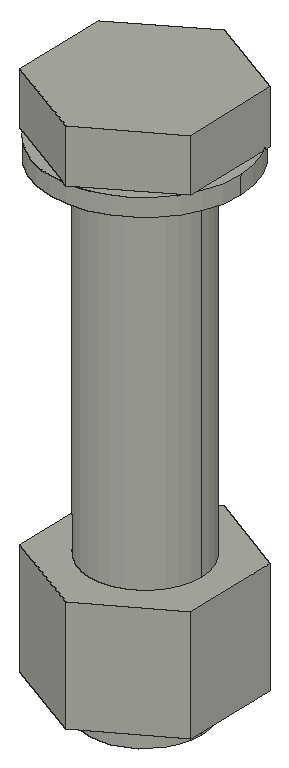
Revit family "4f", category Pipe Accessories, host Face, Revit 2018
Family settings
  Host = Face
  Round Connector Dimension = Use Diameter
  Part Type = Normal
  OmniClass Number = 23.27.43.00
  OmniClass Title = Pipe Fittings
  Cut with Voids When Loaded = No
  Shared = No
Parameters (values of type "M16")
  s3 = 16 mm
  QR code = "https://www.bimobject.com/aignep/product/flange-kit-90019"
  Product url = "https://www.aignep.com/eng/Pipe-fittings-INFINITY/Air-Pipeline-INFINITY-Series/FLANGE-KIT"
  Product name = "Flange Kit - 90019"
  Product group = "Screw"
  Product family = "INFINITY"
  Product certification = "https://www.aignep.com/eng/Certificazioni/FREE-OF-SILICON"
  Product SKU = "Flange-Kit-90019"
  Product Guid = "93031174-efef-4b5c-b675-794ecca6ef6c"
  OmniClass Description = "Pipe Fittings"
  OmniClass Code = "23-27 43 00"
  Material main = "Steel"
  Manufacturer name = "Aignep Spa"
  Manufacturer country = "Italy"
  L1 = 50 mm
  L = 70 mm
  s2 = 10 mm
  s1 = 2.5 mm
  d = 27 mm
  URL = "https://www.aignep.com/"
  Product data url = "https://www.bimobject.com/aignep/product/flange-kit-90019"
  Product Material = AIGNEP - Steel - Brushed
  Model = "90019"
  Manufacturer = "Aignep Spa"
  Lookup Table Name = "Flange Kit - 90019"
  Keynote = "15410"
  IFC Classification = "Pipe Fitting"
  Edition number = 1
  Design country = "Italy"
  Description = "Flange Kit"
  Default Elevation = 1219.2 mm
  Bolt Diameter = 16 mm
  BIMobject category = "Joints"
  Assembly Code = "D2040100"
  Article Code [instance] = "90019 00 001"
  A = 24 mm
Types (3, lengths in mm): name | s3 | L1 | L | s2 | s1 | d | Bolt Diameter | Article Code | A
  (no name) | 16 | 50 | 70 | 10 | 2.5 | 27 | 16 | "90019 00 001" | 24
  M16 | 16 | 50 | 70 | 10 | 2.5 | 27 | 16 | "90019 00 001" | 24
  M20 | 19 | 54 | 80 | 12.5 | 3 | 37 | 20 | "90019 00 002" | 35
Reference planes
  plane 1 "Center (Front/Back)": y = 0
  plane 2: z = 0
  plane 3 "Center (Left/Right)": x = 0
  plane 4: z = -70
  plane 5: x = -12
  plane 6: x = 12
  plane 7: z = 2.5
  plane 8: z = 10
  plane 9: z = -50
  plane 10: z = -66
  plane 11: x = -12
  plane 12: x = 12
Forms (mm)
  Extrusion 1, solid, material "AIGNEP - Steel - Brushed" <- "Product Material", detail levels fine
    sketch origin (0, 0, 0) x (1, 0, 0) y (0, 1, 0)
      loop
        line (12, 6.928) -> (0, 13.856) -> (-12, 6.928) -> (-12, -6.928) -> (0, -13.856) -> (12, -6.928) -> (12, 6.928)
    from 2.5 to 10
  Extrusion 2, solid, material "AIGNEP - Steel - Brushed" <- "Product Material", detail levels fine
    sketch origin (0, 0, 0) x (1, 0, 0) y (0, 1, 0)
      loop
        circle (0, 0) r 13.5
    from 0 to 2.5
  Extrusion 3, solid, material "AIGNEP - Steel - Brushed" <- "Product Material", detail levels fine
    sketch origin (0, 0, 0) x (1, 0, 0) y (0, 1, 0)
      loop
        circle (0, 0) r 8
    from -70 to 0
  Extrusion 4, solid, material "AIGNEP - Steel - Brushed" <- "Product Material", detail levels fine
    sketch origin (0, 0, 0) x (1, 0, 0) y (0, 1, 0)
      loop
        line (12, 6.928) -> (0, 13.856) -> (-12, 6.928) -> (-12, -6.928) -> (0, -13.856) -> (12, -6.928) -> (12, 6.928)
      loop
        circle (0, 0) r 8
    from -66 to -50
Lines and regions (mm)
  model lines, detail levels coarse+medium
    curve 1: line (0, 0, -70) -> (0, 0, 10)
Dimensions and locks
  "L": plane 2 to plane 4
  equal spacing: plane 5, plane 3 "Center (Left/Right)", plane 6
  "A": plane 5 to plane 6
  equal spacing: Extrusion 1 sketch curve, plane 3 "Center (Left/Right)", Extrusion 1 sketch curve  (x2)
  "A": Extrusion 1 sketch curve to Extrusion 1 sketch curve  (x2)
  "s1": plane 7 to plane 2
  "s2": plane 8 to plane 2
  "L1": plane 2 to plane 9
  "s3": plane 9 to plane 10
  "A": Extrusion 4 sketch curve to Extrusion 4 sketch curve  (x2)
  equal spacing: Extrusion 4 sketch curve, plane 3 "Center (Left/Right)", Extrusion 4 sketch curve  (x2)
  equal spacing: plane 11, plane 3 "Center (Left/Right)", plane 12
  "A": plane 11 to plane 12
  "Bolt Diameter": diameter of Extrusion 3 sketch curve
  "d": diameter of Extrusion 2 sketch curve
  "Bolt Diameter": diameter of Extrusion 4 sketch curve
  locked: plane 1 "Center (Front/Back)" to Extrusion 1 sketch curve (angle 30.00°)
  locked: Extrusion 1 sketch curve to plane 1 "Center (Front/Back)" (angle 30.00°)
  locked: plane 1 "Center (Front/Back)" to Extrusion 4 sketch curve (angle 30.00°)
  locked: Extrusion 4 sketch curve to plane 1 "Center (Front/Back)" (angle 30.00°)
  aligned and locked: plane 2 to host face
  aligned and locked: level to host face
  aligned and locked: Extrusion 3 to plane 4
  aligned and locked: plane 8 to Extrusion 1
  aligned and locked: plane 7 to Extrusion 2
  aligned and locked: Extrusion 1 to plane 7
  aligned and locked: plane 4 to curve 1
  aligned and locked: plane 8 to curve 1
  aligned and locked: plane 1 "Center (Front/Back)" to curve 1
  aligned and locked: Extrusion 4 to plane 9
  aligned and locked: Extrusion 4 to plane 10
Automatic sketch dimensions
  host sketch curve to host sketch curve = 2438.4 mm  (x2)
  Extrusion 1 sketch curve to plane 5 = 0 mm
  Extrusion 1 sketch curve to plane 6 = 0 mm
  plane 1 "Center (Front/Back)" to Extrusion 2 sketch curve = 0 mm
  Extrusion 2 sketch curve to plane 3 "Center (Left/Right)" = 0 mm
  plane 1 "Center (Front/Back)" to Extrusion 3 sketch curve = 0 mm
  Extrusion 3 sketch curve to plane 3 "Center (Left/Right)" = 0 mm
  Extrusion 4 sketch curve to plane 11 = 0 mm
  plane 1 "Center (Front/Back)" to Extrusion 4 sketch curve = 0 mm
  Extrusion 4 sketch curve to plane 3 "Center (Left/Right)" = 0 mm
  Extrusion 4 sketch curve to plane 12 = 0 mm
